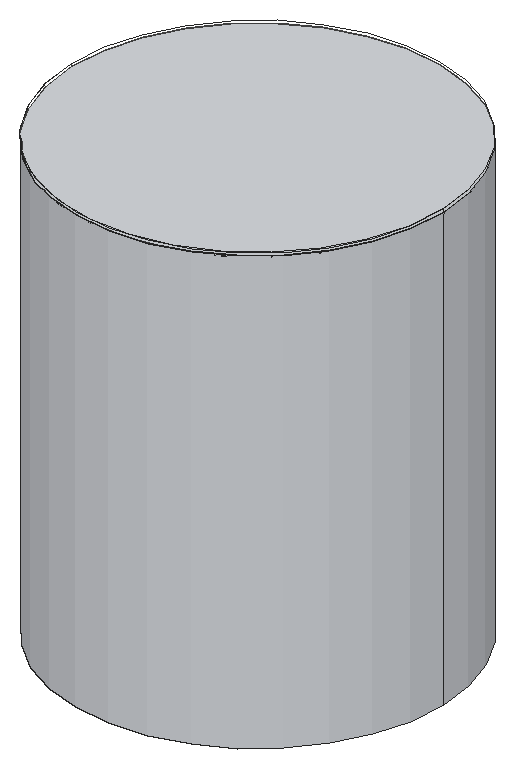
Revit family "Lighting-Recessed-Acclaim-TerraDrum", category Lighting Fixtures, host Face, Revit 2020
Family settings
  Host = Face
  Round Connector Dimension = Use Diameter
  Part Type = Normal
  Cut with Voids When Loaded = No
  Light Source = Yes
  Shared = No
  Room Calculation Point = No
Parameters (values of type "EO")
  Wattage = 9.2903 W
  built-in parameter 1150110 = 1 (stored number, unit not read)
  Voltage = 0 V
  URL = "http://www.acclaimlighting.com/"
  built-in parameter 1114217 = 1 (stored number, unit not read)
  Tilt Angle = -90.00°
  built-in parameter 1150109 = 1 (stored number, unit not read)
  built-in parameter 1150134 = 3
  built-in parameter 1150113 = 1 (stored number, unit not read)
  Power Factor = 1
  Photometric Web File = "Load File"
  Number of Poles = 1
  built-in parameter 1150142 = (empty or 0)
  Model = "Terra Drum"
  Manufacturer = "Acclaim Lighting"
  built-in parameter 1150105 = 109.82 (stored number, unit not read)
  Lumens = 1380 lm
  built-in parameter 1150115 = 1 (stored number, unit not read)
  built-in parameter 1150137 = (empty or 0)
  built-in parameter 1150139 = (empty or 0)
  built-in parameter 1150112 = 1 (stored number, unit not read)
  built-in parameter 1150114 = 1 (stored number, unit not read)
  Lamp = "LED"
  built-in parameter 1150132 = (empty or 0)
  built-in parameter 1150102 = (empty or 0)
  built-in parameter 1150107 = 3200 (stored number, unit not read)
  built-in parameter 1150138 = (empty or 0)
  built-in parameter 1150106 = 1.0982 (stored number, unit not read)
  Housing Finish = Aluminum
  Height = 8.46"
  Emit from Line Length = 24.00"
  built-in parameter 1150104 = 13.8 (stored number, unit not read)
  Dimming Lamp Color Temperature Shift = <None>
  Diameter = 7.13"
  Description = "Recessed"
  Default Elevation = 48.00"
  Color Filter = 16777215
  built-in parameter 1114218 = 1 (stored number, unit not read)
  built-in parameter 1150133 = 10 (stored number, unit not read)
  Apparent Load = 0 VA
Types (4): name | Diameter
  (no name) | 7.13"
  HO | 12.36"
  SO | 9.53"
  EO | 7.13"
Reference planes (in)
  plane 1 "Center (Front/Back)": y = 0
  plane 2: z = 0
  plane 3 "Center (Left/Right)": x = 0
  plane 4: x = 0
  plane 5: x = -6.00394
  plane 6: x = 6.00394
  plane 7: y = 1.43701
  plane 8: y = -1.43701
  plane 9: z = -8.46
  plane 10: z = 0.0625
Forms (in)
  Extrusion 1, solid
    sketch origin (0, 0, 0) x (1, 0, 0) y (0, 1, 0)
      loop
        circle (0, 0) r 3.565
    from 0 to -8.46
  Extrusion 2, solid, material "Glass"
    sketch origin (0, 0, 0) x (1, 0, 0) y (0, 1, 0)
      loop
        circle (0, 0) r 3.565
    from 0 to 0.0625
Dimensions and locks (in)
  "Height": host face to plane 9
  "Diameter": diameter of Extrusion 1 sketch curve
  "Diameter": diameter of Extrusion 2 sketch curve
  aligned and locked: plane 2 to host face
  aligned and locked: level to host face
  aligned and locked: plane 4 to imposter light
  aligned and locked: imposter light to plane 1 "Center (Front/Back)"
  aligned and locked: plane 9 to Extrusion 1
  aligned and locked: plane 10 to Extrusion 2
Automatic sketch dimensions
  host sketch curve to host sketch curve = 96.00"  (x2)
  plane 1 "Center (Front/Back)" to Extrusion 1 sketch curve = 0.00"
  Extrusion 1 sketch curve to plane 3 "Center (Left/Right)" = 0.00"
  plane 1 "Center (Front/Back)" to Extrusion 2 sketch curve = 0.00"
  Extrusion 2 sketch curve to plane 3 "Center (Left/Right)" = 0.00"
Connectors (in)
  electrical at (0, 0, -8.46), driven by "Number of Poles", driven by "Voltage", driven by "Apparent Load", driven by "Power Factor"
    settings: on Extrusion 1, index 1, voltage 0 V, apparent load 0 VA, apparent load phase1 0 VA, apparent load phase2 0 VA, apparent load phase3 0 VA, power factor 1, load classification "Other", number of poles 1, system type 31, power factor state 1, is connector primary yes, connector utility no, sub classification motor no, connector description ""
